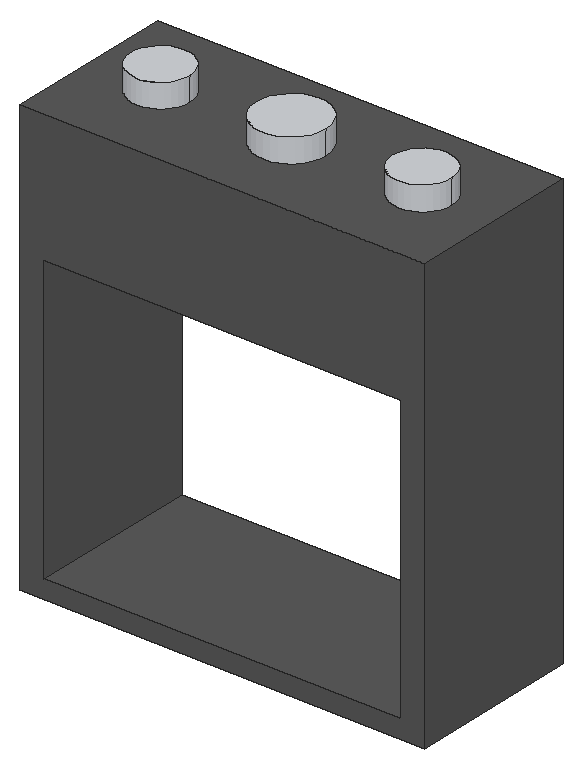
Revit family "montigo-commercial-see-through-low-profile-fireplace-BF60ST", category Generic Models, Revit 2019
Family settings
  Can host rebar = No
  Round Connector Dimension = Use Diameter
  Part Type = Normal
  Work Plane-Based = No
  Always vertical = Yes
  Cut with Voids When Loaded = No
  Shared = No
  Room Calculation Point = No
Parameters
  URL = "https://www.montigo.com/"
  Model = ""
  Manufacturer Fax = ""
  Manufacturer Website = "https://www.montigo.com/"
  Manufacturer Phone - Toll Free = "800-378-3115"
  Manufacturer Phone = ""
  Manufacturer Address = "27342 Gloucester Way  Langley, BC, Canada   V4W 4A1"
  Manufacturer = "Montigo"
  Keynote = ""
  Glazing Tint = Glass - Montigo - Tint as Specified
  Frame Material = Metal - Montigo - Black
  Firebox Material = Metal - Montigo - White
  Description = "Montigo Fireplace as Specified"
Reference planes (in)
  plane 1 "Center (Front/Back)": y = 0
  plane 2: z = 0
  plane 3 "Center (Left/Right)": x = 0
Forms (in)
  Extrusion 1, solid, material "Metal - Montigo - Black" <- "Frame Material"
    sketch origin (15, -15, 0) x (1, 0, 0) y (0, 1, 0)
      loop
        line (-49, 29.5) -> (-49, 0.5) -> (19, 0.5) -> (19, 29.5) -> (-49, 29.5)
    from 0 to 73
  Extrusion 2, solid
    sketch origin (0, 0, 0) x (1, 0, 0) y (0, 1, 0)
      loop
        circle (0, 0) r 5.875
      loop
        circle (-22, 0) r 4.9375
      loop
        circle (22, 0) r 4.9375
    from 73 to 77
  Extrusion 3, void
    sketch origin (19.1875, -6.15625, 0) x (-1, 0, 0) y (0, 0, -1)
      loop
        line (49.1875, -51) -> (49.1875, -3) -> (-10.8125, -3) -> (-10.8125, -51) -> (49.1875, -51)
    from -22.297 to 9.84375
Cuts and joins
  Extrusion 3 cuts Extrusion 1
Dimensions and locks (in)
  aligned and locked: level to plane 2
Connectors (in)
  hvac at (0, 0, 77)
    settings: on Extrusion 2, index 2, duct flow 0.0 L/s, flow factor 0, pres drop 0.0 Pa, loss coef 0, conn angle 0.00°, conn width 304.8 mm, conn height 304.8 mm, conn diameter 298.45 mm, duct sys type 3, conn prof type 0, flow config 0, flow direction 0, loss method 0, conn ref index -1, conn util no, is conn primary yes, conn desc ""
  hvac at (-22, 0, 77)
    settings: on Extrusion 2, index 3, duct flow 0.0 L/s, flow factor 0, pres drop 0.0 Pa, loss coef 0, conn angle 0.00°, conn width 304.8 mm, conn height 304.8 mm, conn diameter 250.924 mm, duct sys type 3, conn prof type 0, flow config 0, flow direction 0, loss method 0, conn ref index -1, conn util no, is conn primary no, conn desc ""
  hvac at (22, 0, 77)
    settings: on Extrusion 2, index 4, duct flow 0.0 L/s, flow factor 0, pres drop 0.0 Pa, loss coef 0, conn angle 0.00°, conn width 304.8 mm, conn height 304.8 mm, conn diameter 250.924 mm, duct sys type 3, conn prof type 0, flow config 0, flow direction 0, loss method 0, conn ref index -1, conn util no, is conn primary no, conn desc ""
